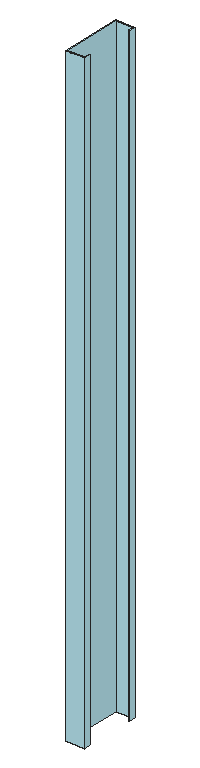
Revit family "hokyozai_100x1-6", category 機械設備, Revit 2022
Family settings
  丸型コネクタ寸法 = 直径を使用
  種別 = なし
  パーツ タイプ = 標準
  作業面ベース = いいえ
  常に垂直 = はい
  ロード時にボイドで切り取り = いいえ
  注釈の向きを維持 = いいえ
  共有 = いいえ
  部屋計算ポイント = いいえ
Parameters
  製造元 = "株式会社桐井製作所"
  既定の高さ = 0 mm
  URL = "https://www.kirii.co.jp/"
  K_長さ(mm) [instance] = 1000 mm
  K_材質 = "SGCC一般用・SGC340~570高強度一般用・SGH340~570高強度一般用"
  K_外形寸法(mm) = "100×30×10×1.6"
  K_品名 = "100補強材×1.6"
  K_名称 = "補強材"
  K_バージョン情報 = "20210524"
  K_めっき付着量 = "Z12"
  K_JIS規格 = "JIS G 3302"
Reference planes
  plane 1 "中心(正面/背面)": y = 0
  plane 2: z = 0
  plane 3 "中心(左/右)": x = 0
  plane 4: z = 1000
  plane 5: y = 100
Forms (mm)
  Extrusion 1, solid
    sketch origin (0, 0, 0) x (1, 0, 0) y (0, 1, 0)
      loop
        line (0, 0) -> (30, 0) -> (30, 10) -> (28.4, 10) -> (28.4, 1.6) -> (1.6, 1.6) -> (1.6, 98.4) -> (28.4, 98.4) -> (28.4, 90) -> (30, 90) -> (30, 100) -> (0, 100) -> (0, 0)
    from 0 to 1000
Dimensions and locks
  "K_長さ(mm)": plane 4 to plane 2
  aligned and locked: level to plane 2
  aligned and locked: plane 4 to Extrusion 1
  aligned and locked: plane 5 to Extrusion 1  (x2)
Automatic sketch dimensions
  Extrusion 1 sketch curve to plane 3 "中心(左/右)" = 0 mm
  plane 1 "中心(正面/背面)" to Extrusion 1 sketch curve = 0 mm
  plane 3 "中心(左/右)" to Extrusion 1 sketch curve = 1.6 mm
  Extrusion 1 sketch curve to plane 1 "中心(正面/背面)" = 10 mm
  Extrusion 1 sketch curve to Extrusion 1 sketch curve = 26.8 mm  (x2)
  Extrusion 1 sketch curve to Extrusion 1 sketch curve = 1.6 mm  (x3)
  Extrusion 1 sketch curve to plane 1 "中心(正面/背面)" = 1.6 mm
  Extrusion 1 sketch curve to Extrusion 1 sketch curve = 80 mm
  Extrusion 1 sketch curve to Extrusion 1 sketch curve = 8.4 mm
